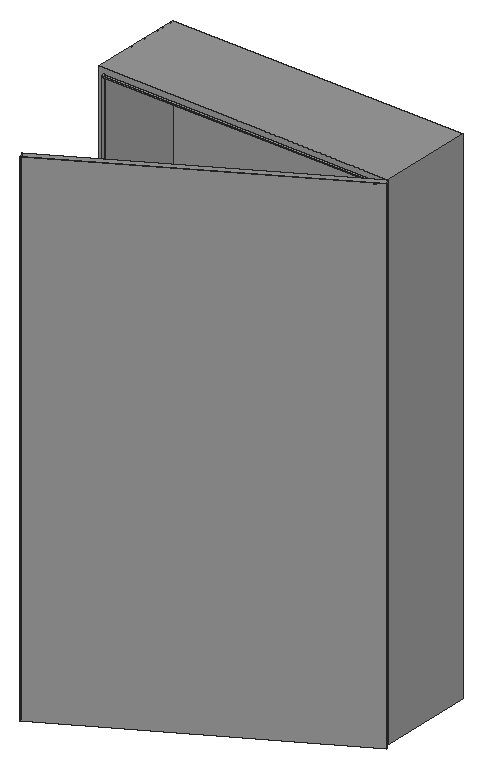
Revit family "Hager-Univers-IP55-D275-H1400-Cl.I-Steel_encl-NoHosted-PL-pl", category Electrical Equipment, Revit 2020
Family settings
  Panel Configuration = Two Columns, Circuits Across
  Round Connector Dimension = Use Diameter
  Part Type = Panelboard
  Work Plane-Based = Yes
  Always vertical = Yes
  Cut with Voids When Loaded = No
  Shared = No
  Room Calculation Point = No
Parameters (values of type "Montaż natynkowy IP55 S800 W1400 G275  - FR93E")
  Width Control [instance] = if([EF000008 - Szerokość] > Min Width, [EF000008 - Szerokość], Min Width)  # 800 mm
  Type Comments = [HG000003 - Zakres]  # "Univers"
  Thickness Door [instance] = if([EF009171 - Drzwi/pokrywa z materiału o wysokiej wytrzymałości mechanicznej] > 3 mm, 3 mm, [EF009171 - Drzwi/pokrywa z materiału o wysokiej wytrzymałości mechanicznej])  # 1.5 mm
  Seal Frame Offset [instance] = 17 mm  # constant formula
  Plinth Visibility [instance] = [HG000027 - Wysokość cokołu] > 0 mm  # no
  Min Width [instance] = 100 mm  # constant formula
  Min Depth [instance] = (2 * [EF009170 - Obudowa z materiału o wysokiej wytrzymałości mechanicznej]) + 1 mm  # 4 mm
  Min Height [instance] = 100 mm  # constant formula
  Internal Frame Depth [instance] = (Door System Depth * 0.5)  # 9 mm
  Panel Name [instance] = ""  # (empty or 0)
  Model = ""
  HG000027 - Wysokość cokołu = 0 mm
  HG000026 - Stojąca = no
  HG000024 - Wysokość części dolnej = 600 mm
  HG000023 - Obudowa dwusekcyjna = no
  HG000016 - Widoczność drzwi w widoku 3D [instance] = yes
  HG000015 - Przestrzeń robocza - otwarcie drzwi [instance] = no
  HG000014 - Drzwi prawe [instance] = yes
  HG000013 - Drzwi lewe [instance] = not([HG000014 - Drzwi prawe])  # no
  HG000012 - Kąt otwarcia drzwi [instance] = 30.00°
  HG000010 - Drzwi asymetryczne = no
  HG000009 - Drzwi dwuskrzydłowe = no
  HG000006 - Montaż podtynkowy = no
  HG000004 - Referencja producenta = "FR93E"
  HG000003 - Zakres = "Univers"
  HG000002 - Z drzwiami lub pokrywą = yes
  Frame Offset Bottom [instance] = 10 mm  # constant formula
  Frame Offset [instance] = 15 mm  # constant formula
  EF015940 - Pokrywa z wyzwalaczem nadciśnieniowym = no
  EF011959 - Stopień ochrony (NEMA) = ""
  EF009554 - Liczba otworów pod flansze = 6
  EF009212 - Wykonanie pokrywy = "EV000116 - Zamknięty"
  EF009171 - Drzwi/pokrywa z materiału o wysokiej wytrzymałości mechanicznej = 1.5 mm
  EF009170 - Obudowa z materiału o wysokiej wytrzymałości mechanicznej = 1.5 mm
  EF008873 - Prąd znamionowy (In) = 800 A
  EF007800 - Do ochrony odgromowej = no
  EF006306 - Z zamkiem = no
  EF006244 - Transparentna pokrywa/drzwi = no
  EF005474 - Stopień ochrony (IP) = "EV006420 - IP55"
  EF004464 - Rodzaj drzwi = "EV002646 - Pojedynczy"
  EF004427 - Liczba modułów = 324
  EF004293 - Odporność udarowa = "EV008784 - IK10"
  EF003532 - Do zastosowań zewnętrznych = no
  EF002950 - Szerokość wyrażona liczbą modułów = 24
  EF001613 - Podtrzymanie funkcji = "EV000494 - Brak"
  EF001596 - Materiał obudowy = "EV000179 - Stal"
  EF001131 - Głębokość wewnętrzna = 275 mm
  EF001088 - Możliwość rozbudowy = yes
  EF000437 - Liczba wejść kablowych = 6
  EF000339 - Rodzaj pokrywy = "EV004216 - Drzwi"
  EF000266 - Liczba rzędów = 9
  EF000218 - Głębokość wbudowania = 0 mm
  EF000118 - Z płytą montażową = no
  EF000116 - Numer RAL = "7035"
  EF000049 - Głębokość = 275 mm
  EF000040 - Wysokość = 1400 mm
  EF000008 - Szerokość = 800 mm
  EF000007 - Kolor = "EV000270 - Szary"
  EF000003 - Sposób montażu = "EV000384 - Montaż natynkowy"
  Door System Leaf Tolerance [instance] = 1.5 mm  # constant formula
  Door System Depth [instance] = 18 mm  # constant formula
  Door Height [instance] = Height Control - [HG000027 - Wysokość cokołu]  # 1400 mm
  Description = ""
  Default Elevation = 1219.2 mm
  Connector Offset [instance] = Height Control / 2  # 700 mm
  Manufacturer = "Hager"  # constant formula
  Height Control [instance] = if([EF000040 - Wysokość] > Min Height, [EF000040 - Wysokość], Min Height)  # 1400 mm
  Depth Control [instance] = if([EF000049 - Głębokość] > Min Depth, [EF000049 - Głębokość], Min Depth)  # 275 mm
  Bottom Top Plate Trim [instance] = 1.5 mm  # constant formula
  Plinth height Ctrl [instance] = if([HG000027 - Wysokość cokołu] > 0 mm, [HG000027 - Wysokość cokołu], 12 mm)  # 12 mm
Types (5, lengths in mm): name | Width Control | HG000010 - Drzwi asymetryczne | HG000009 - Drzwi dwuskrzydłowe | HG000004 - Referencja producenta | EF009554 - Liczba otworów pod flansze | EF004464 - Rodzaj drzwi | EF004427 - Liczba modułów | EF000437 - Liczba wejść kablowych | EF000008 - Szerokość
  Montaż natynkowy IP55 S1050 W1400 G275  - FR94E | 1050 | no | yes | "FR94E" | 8 | "EV003602 - Podwójny" | 432 | 8 | 1050
  Montaż natynkowy IP55 S1300 W1400 G275  - FR95E | 1300 | yes | yes | "FR95E" | 10 | "EV003602 - Podwójny" | 540 | 10 | 1300
  Montaż natynkowy IP55 S300 W1400 G275  - FR91E | 300 | no | no | "FR91E" | 2 | "EV002646 - Pojedynczy" | 108 | 2 | 300
  Montaż natynkowy IP55 S550 W1400 G275  - FR92E | 550 | no | no | "FR92E" | 4 | "EV002646 - Pojedynczy" | 216 | 4 | 550
  Montaż natynkowy IP55 S800 W1400 G275  - FR93E | 800 | no | no | "FR93E" | 6 | "EV002646 - Pojedynczy" | 324 | 6 | 800
Reference planes
  plane 1 "Center (Front/Back)": y = 0
  plane 2: z = 0
  plane 3 "Center (Left/Right)": x = 0
  plane 4: y = 0
  plane 5: y = 0
  plane 6: z = 0
  plane 7: x = -400
  plane 8: x = 400
  plane 9: x = 398.5
  plane 10: x = -398.5
  plane 11: z = 0
  plane 12: z = 1.5
  plane 13: y = -275
  plane 14: y = -1.5
  plane 15: x = 0
  plane 16: y = -257
  plane 17: y = -273.5
  plane 18: y = -255.5
  plane 19: x = -383.5
  plane 20: x = 383.5
  plane 21: z = 11.5
  plane 22: x = -383
  plane 23: x = 383
  plane 24: z = 0
  plane 25: z = 1400
  plane 26: z = 1400
  plane 27: z = 1383.5
  plane 28: z = 1398.5
Forms (mm)
  Extrusion 1, solid, material "Hager_Steel_RAL7035_Light_Grey", detail levels medium+fine
    sketch origin (-208.679, -4572, 0) x (-1, 0, 0) y (0, -1, 0)
      loop
        line (191.321, -4315) -> (-608.679, -4315) -> (-608.679, -4572) -> (191.321, -4572) -> (191.321, -4315)
    from 0 to 1400
  Extrusion 2, void
    sketch origin (-350.771, -275, 1219.2) x (1, 0, 0) y (0, 0, 1)
      loop
        line (-47.729, 179.3) -> (-47.729, -1217.7) -> (749.271, -1217.7) -> (749.271, 179.3) -> (-47.729, 179.3)
    from -19.5 to -273.5
  Extrusion 3, void
    sketch origin (-290.084, -257, 1219.2) x (1, 0, 0) y (0, 0, 1)
      loop
        line (-93.416, -1207.7) -> (673.584, -1207.7) -> (673.584, 164.3) -> (-93.416, 164.3) -> (-93.416, -1207.7)
    from 0 to -1.5
  Extrusion 4, solid, material "Hager_Steel_RAL7035_Light_Grey", visible <- "Plinth Visibility", detail levels medium+fine
    sketch origin (0, 0, 0) x (1, 0, 0) y (0, 1, 0)
      loop
        line (-400, 0) -> (-400, -257) -> (400, -257) -> (400, 0) -> (-400, 0)
    from 0 to 12 <- "Plinth height Ctrl"
  Extrusion 5, solid, material "Hager_Steel_RAL7035_Light_Grey", detail levels coarse
    sketch origin (0, 0, 0) x (1, 0, 0) y (0, 1, 0)
      loop
        line (-400, 0) -> (-400, -275) -> (400, -275) -> (400, 0) -> (-400, 0)
    from 0 to 1400 <- "Height Control"
  Sweep 6, void
    path in 3D
      loop
        line (-400, -257, 12) -> (400, -257, 12) -> (400, 0, 12) -> (-400, 0, 12) -> (-400, -257, 12)
    profile origin (-400, -128.5, 12) x (1, 0, 0) y (0, 0, 1)
      loop
        line (0, 0) -> (0, -1.5) -> (1.5, -1.5)
        arc (1.5, -1.5) -> (1.061, -0.439) -> (0, 0) r 1.5
  Extrusion 7, solid, material "Hager_Steel_RAL7035_Light_Grey", detail levels fine
    sketch origin (-400, -257, 0) x (1, 0, 0) y (0, 0, 1)
      loop
        line (16.5, 11.5) -> (783.5, 11.5) -> (783.5, 1383.5) -> (16.5, 1383.5) -> (16.5, 11.5)
      loop
        line (15, 10) -> (785, 10) -> (785, 1385) -> (15, 1385) -> (15, 10)
    from 0 to 9 <- "Internal Frame Depth"
Cuts and joins
  Extrusion 2, Extrusion 3 cuts Extrusion 1
  Sweep 6 cuts Extrusion 4
Lines and regions (mm)
  Masking region 1
    outline origin (0, 0, 0) x (1, 0, 0) y (0, 1, 0)
      loop
        line (-400, 0) -> (-400, -275) -> (400, -275) -> (400, 0) -> (-400, 0)
  Masking region 2, detail levels coarse
    outline origin (-290.084, -257, 1219.2) x (-1, 0, 0) y (0, 0, 1)
      loop
        line (-690.084, -1219.2) -> (109.916, -1219.2) -> (109.916, 180.8) -> (-690.084, 180.8) -> (-690.084, -1219.2)
  Masking region 3, detail levels coarse
    outline origin (0, 0, 0) x (0, 1, 0) y (0, 0, 1)
      loop
        line (0, 0) -> (0, 1400) -> (-275, 1400) -> (-275, 0) -> (0, 0)
  Masking region 4, visible <- "Plinth Visibility", detail levels medium+fine
    outline origin (0, 0, 0) x (0, 1, 0) y (0, 0, 1)
      loop
        line (-1.5, 12) -> (-255.5, 12)
        arc (-255.5, 12) -> (-255.939, 10.939) -> (-257, 10.5) r 1.5
        line (-257, 10.5) -> (-257, 0) -> (0, 0) -> (0, 10.5)
        arc (0, 10.5) -> (-1.061, 10.939) -> (-1.5, 12) r 1.5
  Masking region 5, detail levels medium+fine
    outline origin (0, 0, 594.038) x (0, 1, 0) y (0, 0, 1)
      loop
        line (0, -594.038) -> (0, 805.962) -> (-257, 805.962) -> (-257, -594.038) -> (0, -594.038)
  Masking region 6, detail levels medium+fine
    outline origin (-359.7, -257, 1211.883) x (-1, 0, 0) y (0, 0, 1)
      loop
        line (-759.7, -1211.883) -> (40.3, -1211.883) -> (40.3, 188.117) -> (-759.7, 188.117) -> (-759.7, -1211.883)
  Masking region 7, visible <- "Plinth Visibility", detail levels medium+fine
    outline origin (-320.334, -257, 1041.368) x (-1, 0, 0) y (0, 0, 1)
      loop
        line (-720.334, -1041.368) -> (79.666, -1041.368) -> (79.666, -1030.868)
        arc (79.666, -1030.868) -> (78.606, -1030.429) -> (78.166, -1029.368) r 1.5
        line (78.166, -1029.368) -> (-718.834, -1029.368)
        arc (-718.834, -1029.368) -> (-719.273, -1030.429) -> (-720.334, -1030.868) r 1.5
        line (-720.334, -1030.868) -> (-720.334, -1041.368)
  sketch lines
    curve 1: line (-400, 0, 12) -> (-400, -257, 12)
    curve 2: line (-400, -257, 12) -> (400, -257, 12)
    curve 3: line (400, 0, 12) -> (-400, 0, 12)
    curve 4: line (400, -257, 12) -> (400, 0, 12)
Dimensions and locks
  locked: plane 1 "Center (Front/Back)" to plane 5
  "EF009170 - Obudowa z materiału o wysokiej wytrzymałości mechanicznej": plane 7 to plane 10
  "EF009170 - Obudowa z materiału o wysokiej wytrzymałości mechanicznej": plane 8 to plane 9
  equal spacing: plane 7, plane 3 "Center (Left/Right)", plane 8
  "Width Control": plane 7 to plane 8
  "Depth Control": plane 4 to plane 13
  "EF009170 - Obudowa z materiału o wysokiej wytrzymałości mechanicznej": plane 4 to plane 14
  "Height Control": plane 25 to level
  "HG000027 - Wysokość cokołu": plane 11 to level
  "EF009170 - Obudowa z materiału o wysokiej wytrzymałości mechanicznej": plane 12 to plane 11
  "EF009170 - Obudowa z materiału o wysokiej wytrzymałości mechanicznej": plane 17 to plane 13
  "EF009170 - Obudowa z materiału o wysokiej wytrzymałości mechanicznej": plane 18 to plane 16
  "Frame Offset Bottom": plane 21 to plane 12
  "Frame Offset": plane 10 to plane 19
  "Frame Offset": plane 9 to plane 20
  "Door System Depth": plane 16 to plane 13
  "Seal Frame Offset": plane 7 to plane 22
  "Seal Frame Offset": plane 8 to plane 23
  "EF009170 - Obudowa z materiału o wysokiej wytrzymałości mechanicznej": plane 26 to plane 28
  "Frame Offset": plane 28 to plane 27
  "Connector Offset": plane 2 to connector elem
  "Bottom Top Plate Trim": profile plane to Sweep 6 sketch curve
  "Bottom Top Plate Trim": Sweep 6 sketch curve to Sweep 6 sketch curve
  "Plinth height Ctrl": Masking region 4 sketch curve to level
  "Plinth height Ctrl": Masking region 7 sketch curve to level
  "Thickness Door": Extrusion 7 sketch curve to Extrusion 7 sketch curve  (x4)
  "Bottom Top Plate Trim": radius of Sweep 6 sketch curve
  "Bottom Top Plate Trim": radius of Masking region 4 sketch curve  (x2)
  "Bottom Top Plate Trim": radius of Masking region 7 sketch curve  (x2)
  aligned and locked: Extrusion 2 sketch curve to plane 12
  aligned and locked: Extrusion 2 sketch curve to plane 9
  aligned and locked: Extrusion 2 sketch curve to plane 10
  aligned and locked: Extrusion 2 to plane 14
  aligned and locked: Extrusion 1 sketch curve to plane 4
  aligned and locked: plane 8 to Extrusion 1 sketch curve
  aligned and locked: plane 7 to Extrusion 1 sketch curve
  aligned and locked: Extrusion 2 to plane 18
  aligned and locked: Extrusion 3 sketch curve to plane 19
  aligned and locked: plane 20 to Extrusion 3 sketch curve
  aligned and locked: Extrusion 3 to Extrusion 2
  aligned and locked: Extrusion 3 sketch curve to plane 21
  aligned and locked: plane 3 "Center (Left/Right)" to nested 1
  aligned and locked: Extrusion 1 sketch curve to plane 16
  aligned and locked: Extrusion 4 sketch curve to cut or joined group of Extrusion 1, Extrusion 2, Extrusion 3
  aligned and locked: Masking region 1 sketch curve to plane 7
  aligned and locked: Masking region 1 sketch curve to plane 5
  aligned and locked: Masking region 1 sketch curve to plane 8
  aligned and locked: Masking region 2 sketch curve to level
  aligned and locked: level to Masking region 3 sketch curve
  aligned and locked: plane 1 "Center (Front/Back)" to Masking region 3 sketch curve
  aligned and locked: plane 13 to Masking region 3 sketch curve
  aligned and locked: plane 5 to Masking region 4 sketch curve
  aligned and locked: Masking region 2 sketch curve to plane 8
  aligned and locked: Masking region 2 sketch curve to plane 7
  aligned and locked: plane 7 to nested 2
  aligned and locked: nested 2 to plane 5
  aligned and locked: plane 5 to Masking region 5 sketch curve
  aligned and locked: plane 26 to Masking region 5 sketch curve
  aligned and locked: Extrusion 5 sketch curve to plane 8
  aligned and locked: Extrusion 5 sketch curve to plane 7
  aligned and locked: Extrusion 5 sketch curve to plane 5
  aligned and locked: Extrusion 3 sketch curve to plane 27
  aligned and locked: Extrusion 2 sketch curve to plane 28
  aligned and locked: Masking region 2 to plane 25
  aligned and locked: Extrusion 4 to plane 16
  aligned and locked: profile plane to Sweep 6 sketch curve
  aligned and locked: Masking region 5 sketch curve to plane 24
  aligned and locked: level to Masking region 4 sketch curve
  aligned and locked: Masking region 1 to plane 13
  aligned and locked: nested 1 to plane 16
  aligned and locked: Masking region 3 to plane 25
  aligned and locked: plane 16 to Masking region 4 sketch curve
  aligned and locked: Masking region 5 sketch curve to plane 16
  aligned and locked: plane 24 to plane 11
  aligned and locked: plane 26 to plane 25
  aligned and locked: plane 26 to cut or joined group of Extrusion 1, Extrusion 2, Extrusion 3
  aligned and locked: nested 1 to plane 24
  aligned and locked: Extrusion 1 to Extrusion 3
  aligned and locked: Masking region 6 sketch curve to plane 8
  aligned and locked: Masking region 6 sketch curve to plane 24
  aligned and locked: Masking region 6 sketch curve to plane 7
  aligned and locked: Masking region 6 sketch curve to plane 26
  aligned and locked: Masking region 7 sketch curve to plane 7
  aligned and locked: level to Masking region 7 sketch curve
  aligned and locked: Masking region 7 sketch curve to plane 8
  aligned and locked: Extrusion 7 sketch curve to cut or joined group of Extrusion 1, Extrusion 2, Extrusion 3  (x4)
Automatic sketch dimensions
  plane 19 to Extrusion 3 sketch curve = 0 mm
  Extrusion 3 sketch curve to plane 20 = 0 mm
  Extrusion 3 sketch curve to plane 21 = 0 mm
  Extrusion 4 sketch curve to plane 7 = 0 mm
  Extrusion 4 sketch curve to plane 8 = 0 mm
  Extrusion 4 sketch curve to plane 16 = 0 mm
  Masking region 1 sketch curve to plane 13 = 0 mm
  Masking region 2 sketch curve to plane 25 = 0 mm
  Masking region 3 sketch curve to plane 25 = 0 mm
  Extrusion 5 sketch curve to plane 13 = 0 mm
  profile plane to Sweep 6 sketch curve = 0 mm
Nested families
  nested 1: "EC000058_Univers_Door" at (0, -257, 0), Double <- "HG000009 - Drzwi dwuskrzydłowe", Transparent <- "EF006244 - Transparentna pokrywa/drzwi", Angle <- "HG000012 - Kąt otwarcia drzwi", Door_Right <- "HG000014 - Drzwi prawe", Assymetrical <- "HG000010 - Drzwi asymetryczne", Door <- "HG000002 - Z drzwiami lub pokrywą", Width_Ctrl <- "Width Control", 3d_Door <- "HG000016 - Widoczność drzwi w widoku 3D", Clearance <- "HG000015 - Przestrzeń robocza - otwarcie drzwi", Door_Left <- "HG000013 - Drzwi lewe", Width <- "Width Control", Door_Depth <- "Door System Depth", Leaf_Tolerance <- "Door System Leaf Tolerance", Height <- "Door Height", Lock_Visibility <- "EF006306 - Z zamkiem", Thickness <- "Thickness Door", type "EC000058_Univers_Door", detail levels medium+fine
    with min_wh 4 mm, Width_Ctrl 800 mm, Width 800 mm, Transparent no, Thickness 1.5 mm, Seal_Material Hager_Rubber, Lock_Visibility no, Lock_Material Hager_Plastic_RAL9005_Jet_Black, Leaf_Width 800 mm, Leaf_Tolerance_External_Sides 0 mm, Leaf_Tolerance 1.5 mm, Leaf_Offset 0 mm, Leaf_Height 1397 mm, Leaf_2_Width 800 mm, Leaf_2_Offset 400 mm, Leaf_1_Width 800 mm, Leaf_1_Offset 400 mm, Height_Ctrl 1400 mm, Height 1400 mm, Glass_Material Hager_Glass, Double_Clearance_Ctrl no, Double no, Door_Right_Ctrl yes, Door_Right yes, Door_Material Hager_Steel_RAL7035_Light_Grey, Door_Left_Ctrl no, Door_Left no, Door_Depth 18 mm, Door yes, Clearance_Material Hager_Clearance, Clearance_Depth 800 mm, Clearance_Ctrl no, Clearance no, Assymetrical no, Angle 30.00°, 3d_Door yes
  nested 2: "Hager_Enclosure_Symbol" at (-400, 0, 0), Height <- "Depth Control", Width <- "Width Control", type "Hager_Enclosure_Symbol"
    with Width_Ctrl 800 mm, Width 800 mm, Height_Ctrl 275 mm, Height 275 mm, A_Width_Int 18.047 mm, A_Width 216.562 mm, A_Height_Ctrl 240.625 mm, A_Height 240.625 mm
Connectors
  electrical at (0, 0, 700)
    settings: on plane 1 "Center (Front/Back)", index 1, voltage 0 V, apparent load 0 VA, apparent load phase1 0 VA, apparent load phase2 0 VA, apparent load phase3 0 VA, power factor 1, load classification "Other", number of poles 1, system type 30, power factor state 1, is connector primary yes, connector utility no, sub classification motor no, connector description ""
Definition of nested family "EC000058_Univers_Door"
  Parameters (values of type "EC000058_Univers_Door")
    min_wh [instance] = (2 * Thickness) + 1 mm  # 11 mm
    Width_Ctrl [instance] = 400 mm
    Width [instance] = 500 mm
    Transparent [instance] = yes
    Thickness [instance] = 5 mm
    Seal_Material [instance] = none
    Lock_Visibility [instance] = yes
    Lock_Material [instance] = none
    Leaf_Width [instance] = if((Width_Ctrl - 2 * Leaf_Tolerance_External_Sides) > 0 mm, (Width_Ctrl - 2 * Leaf_Tolerance_External_Sides), min_wh)  # 400 mm
    Leaf_Tolerance_External_Sides [instance] = 0 mm  # constant formula
    Leaf_Tolerance [instance] = 1.5 mm
    Leaf_Offset [instance] = 0 mm  # constant formula
    Leaf_Height [instance] = if((Height_Ctrl - 2 * Leaf_Tolerance) > 0 mm, (Height_Ctrl - 2 * Leaf_Tolerance), min_wh)  # 497 mm
    Leaf_2_Width [instance] = if(and(and(Double, Assymetrical), Door_Left), (Leaf_Width / 3) - (Leaf_Tolerance / 2), if(and(and(Double, Assymetrical), Door_Right), (Leaf_Width / 3) * 2 - (Leaf_Tolerance / 2), if(and(Double, not(Assymetrical)), (Leaf_Width / 2) - Leaf_Tolerance, Leaf_Width)))  # 400 mm
    Leaf_2_Offset [instance] = if(and(Double, Assymetrical), Leaf_2_Width / 2, if(and(Double, not(Assymetrical)), Leaf_Width / 4, Leaf_Width / 2))  # 200 mm
    Leaf_1_Width [instance] = if(and(and(Double, Assymetrical), Door_Right), (Leaf_Width / 3) - (Leaf_Tolerance / 2), if(and(and(Double, Assymetrical), Door_Left), (Width / 3) * 2 - (Leaf_Tolerance / 2), if(and(Double, not(Assymetrical)), (Leaf_Width / 2) - Leaf_Tolerance, Leaf_Width)))  # 400 mm
    Leaf_1_Offset [instance] = if(and(Double, Assymetrical), Leaf_1_Width / 2, if(and(Double, not(Assymetrical)), Leaf_Width / 4, Leaf_Width / 2))  # 200 mm
    Height_Ctrl [instance] = if(Height > min_wh, Height, min_wh)  # 500 mm
    Height [instance] = 500 mm
    Glass_Material [instance] = none
    Double_Clearance_Ctrl [instance] = and(Double, Clearance)  # no
    Double [instance] = no
    Door_Right_Ctrl [instance] = and(or(Door_Right, Double), Door)  # yes
    Door_Right [instance] = yes
    Door_Material [instance] = none
    Door_Left_Ctrl [instance] = and(or(Door_Left, Double), Door)  # no
    Door_Left [instance] = no
    Door_Depth [instance] = 30 mm
    Door [instance] = yes
    Default Elevation = 1219.2 mm
    Clearance_Material [instance] = none
    Clearance_Depth [instance] = if(Leaf_1_Width > Leaf_2_Width, Leaf_1_Width, Leaf_2_Width)  # 400 mm
    Clearance_Ctrl [instance] = and(not(Double), Clearance)  # yes
    Clearance [instance] = yes
    Assymetrical [instance] = yes
    Angle [instance] = 30.00°
    3d_Door [instance] = yes
  Reference planes
    plane 1 "Center (Front/Back)": y = 0
    plane 2 "Bottom": z = 0
    plane 3 "Center (Left/Right)": x = 0
    plane 4: z = 500
    plane 5: x = -200
    plane 6: x = 200
    plane 7: z = 500
    plane 8: x = -200
    plane 9: z = 0
    plane 10: x = 200
    plane 11: y = 0
    plane 12: z = 1.5
    plane 13: x = -600
    plane 14: y = -400
    plane 15: x = 600
    plane 16: x = 0
    plane 17: x = 0
    plane 18: x = -200
    plane 19: x = 200
    plane 20: z = 498.5
  Forms (mm)
    Extrusion 1, solid, material <- "Clearance_Material", visible <- "Double_Clearance_Ctrl"
      sketch origin (1200, 0, 0) x (1, 0, 0) y (0, 0, -1)
        loop
          line (-1800, -498.5) -> (-600, -498.5) -> (-600, 0) -> (-1800, 0) -> (-1800, -498.5)
      from 0 to -400
  Dimensions and locks
    equal spacing: plane 5, plane 3 "Center (Left/Right)", plane 6
    "Width_Ctrl": plane 5 to plane 6
    "Leaf_Offset": plane 5 to plane 8
    "Leaf_Offset": plane 6 to plane 10
    "Leaf_Offset": plane 9 to level
    "Leaf_Offset": plane 4 to plane 7
    "Height_Ctrl": plane 4 to level
    "Leaf_Tolerance": plane 12 to plane 9
    locked: plane 11 to plane 1 "Center (Front/Back)"
    "Leaf_1_Offset": plane 18 to plane 16
    "Leaf_2_Offset": plane 17 to plane 19
    "Leaf_1_Width": plane 13 to plane 8
    "Leaf_2_Width": plane 10 to plane 15
    "Clearance_Depth": plane 14 to plane 1 "Center (Front/Back)"
    "Leaf_Tolerance_External_Sides": plane 8 to plane 18
    "Leaf_Tolerance_External_Sides": plane 19 to plane 10
    "Leaf_Tolerance": plane 7 to plane 20
    aligned and locked: level to plane 2 "Bottom"
    aligned and locked: nested 1 to plane 16
    aligned and locked: nested 2 to plane 17
    aligned and locked: Extrusion 1 to plane 13
    aligned and locked: plane 15 to Extrusion 1
    aligned and locked: Extrusion 1 to plane 14
    aligned and locked: plane 12 to nested 1
    aligned and locked: nested 2 to plane 12
    aligned and locked: Extrusion 1 to plane 11
    aligned and locked: plane 20 to Extrusion 1
    aligned and locked: nested 2 to plane 11
    aligned and locked: nested 1 to plane 11
  Automatic sketch dimensions
    Extrusion 1 sketch curve to level = 0 mm
    plane 5 to Extrusion 1 sketch curve = 400 mm
    plane 6 to Extrusion 1 sketch curve = 400 mm
    Extrusion 1 sketch curve to plane 4 = 1.5 mm
  Nested families
    nested 1: "EC000058_Univers_Door_Leaf" at (0, 0, 1.5), Width <- "Leaf_1_Width", visible <- "Door_Left_Ctrl", Leaf_Height <- "Leaf_Height", Angle <- "Angle", 3d_Door <- "3d_Door", Transparent <- "Transparent", Clearance Material <- "Clearance_Material", Clearance <- "Clearance_Ctrl", Door_Material <- "Door_Material", Glass_Material <- "Glass_Material", Door_Depth <- "Door_Depth", Lock_Material <- "Lock_Material", Seal_Material <- "Seal_Material", Lock_Visibility <- "Lock_Visibility", Thickness <- "Thickness", type "EC000058_Univers_Door_Leaf"
      with Width 400 mm, Transparent_Glass_Offset 30 mm, Transparent_Ctrl yes, Transparent yes, Thickness 5 mm, Standard no, Seal_Material none, Seal_D2 8 mm, Seal_D1 1 mm, Offset_Internal_Frame 10 mm, Lock_Width 20 mm, Lock_Visibility_3d yes, Lock_Visibility yes, Lock_Thickness_3 3 mm, Lock_Thickness_2 1 mm, Lock_Thickness_1 3 mm, Lock_Radius_Offset_2 16 mm, Lock_Radius_Offset_1 15 mm, Lock_Radius_2 5 mm, Lock_Radius 6 mm, Lock_Offset 5 mm, Lock_Material none, Lock_Height 80 mm, Lock_Cover_Top_Offset_2d 17 mm, Lock_Cover_Height -65 mm, Leaf_Height 497 mm, Internal_Seal_Thickness 8 mm, Internal_Seal_Depth_2 4.5 mm, Internal_Frame_Depth 25 mm, Glass_Thickness -1 mm, Glass_Offset -2 mm, Glass_Material none, Door_Material none, Door_Depth 30 mm, Clearance Material none, Clearance yes, Angle_Ctrl 30.00°, Angle 30.00°, 3d_Door yes
    nested 2: "EC000058_Univers_Door_Leaf" at (0, 0, 1.5) x (-1, 0, 0) z (0, 0, 1), Width <- "Leaf_2_Width", visible <- "Door_Right_Ctrl", Leaf_Height <- "Leaf_Height", Angle <- "Angle", 3d_Door <- "3d_Door", Transparent <- "Transparent", Clearance Material <- "Clearance_Material", Clearance <- "Clearance_Ctrl", Door_Material <- "Door_Material", Glass_Material <- "Glass_Material", Door_Depth <- "Door_Depth", Lock_Material <- "Lock_Material", Seal_Material <- "Seal_Material", Lock_Visibility <- "Lock_Visibility", Thickness <- "Thickness", type "EC000058_Univers_Door_Leaf"
      with Width 400 mm, Transparent_Glass_Offset 30 mm, Transparent_Ctrl yes, Transparent yes, Thickness 5 mm, Standard no, Seal_Material none, Seal_D2 8 mm, Seal_D1 1 mm, Offset_Internal_Frame 10 mm, Lock_Width 20 mm, Lock_Visibility_3d yes, Lock_Visibility yes, Lock_Thickness_3 3 mm, Lock_Thickness_2 1 mm, Lock_Thickness_1 3 mm, Lock_Radius_Offset_2 16 mm, Lock_Radius_Offset_1 15 mm, Lock_Radius_2 5 mm, Lock_Radius 6 mm, Lock_Offset 5 mm, Lock_Material none, Lock_Height 80 mm, Lock_Cover_Top_Offset_2d 17 mm, Lock_Cover_Height -65 mm, Leaf_Height 497 mm, Internal_Seal_Thickness 8 mm, Internal_Seal_Depth_2 4.5 mm, Internal_Frame_Depth 25 mm, Glass_Thickness -1 mm, Glass_Offset -2 mm, Glass_Material none, Door_Material none, Door_Depth 30 mm, Clearance Material none, Clearance yes, Angle_Ctrl 30.00°, Angle 30.00°, 3d_Door yes
  Definition of nested family "EC000058_Univers_Door_Leaf"
    Parameters (values of type "EC000058_Univers_Door_Leaf")
      Width [instance] = 2000 mm
      Transparent_Glass_Offset [instance] = 30 mm
      Transparent_Ctrl [instance] = and(Transparent, [3d_Door])  # yes
      Transparent [instance] = yes
      Thickness [instance] = 5 mm
      Standard [instance] = and(not(Transparent), [3d_Door])  # no
      Seal_Material [instance] = none
      Seal_D2 [instance] = 8 mm  # constant formula
      Seal_D1 [instance] = 1 mm  # constant formula
      Offset_Internal_Frame [instance] = 10 mm  # constant formula
      Lock_Width [instance] = 20 mm  # constant formula
      Lock_Visibility_3d [instance] = and(Lock_Visibility, [3d_Door])  # yes
      Lock_Visibility [instance] = yes
      Lock_Thickness_3 [instance] = 3 mm  # constant formula
      Lock_Thickness_2 [instance] = 1 mm  # constant formula
      Lock_Thickness_1 [instance] = 3 mm  # constant formula
      Lock_Radius_Offset_2 [instance] = Lock_Radius_Offset_1 + 1 mm  # 16 mm
      Lock_Radius_Offset_1 [instance] = 15 mm  # constant formula
      Lock_Radius_2 [instance] = Lock_Radius - 1 mm  # 5 mm
      Lock_Radius [instance] = 6 mm  # constant formula
      Lock_Offset [instance] = 5 mm  # constant formula
      Lock_Material [instance] = none
      Lock_Height [instance] = 80 mm  # constant formula
      Lock_Cover_Top_Offset_2d [instance] = Lock_Radius_Offset_2 + 1 mm  # 17 mm
      Lock_Cover_Height [instance] = -(Lock_Height - Lock_Radius_Offset_1)  # -65 mm
      Leaf_Height [instance] = 2720.336 mm
      Internal_Seal_Thickness [instance] = 8 mm  # constant formula
      Internal_Seal_Depth_2 [instance] = 4.5 mm  # constant formula
      Internal_Frame_Depth [instance] = if(Door_Depth - Thickness > 5 mm, Door_Depth - Thickness, 5 mm)  # 25 mm
      Glass_Thickness [instance] = if(Thickness > 15 mm, Glass_Offset + 10 mm, -1 mm)  # -1 mm
      Glass_Offset [instance] = if(Thickness > 15 mm, -(Thickness + 10 mm) / 2, -2 mm)  # -2 mm
      Glass_Material [instance] = none
      Door_Material [instance] = none
      Door_Depth [instance] = 30 mm
      Default Elevation = 0 mm
      Clearance Material [instance] = none
      Clearance [instance] = yes
      Angle_Ctrl [instance] = if(Angle > 180.00°, 180.00°, Angle)  # 90.00°
      Angle [instance] = 90.00°
      3d_Door [instance] = yes
    Reference planes
      plane 1 "Center (Front/Back)": y = 0
      plane 2: z = 0
      plane 3 "Center (Left/Right)": x = 0
      plane 4: y = 2000
      plane 5: x = -1000
      plane 6: x = 1000
      plane 7: x = -3000
      plane 8: z = 2720.336
      plane 9: z = 30
      plane 10: z = 2690.336
      plane 11: x = 970
      plane 12: x = -970
      plane 13: y = -3
      plane 14: z = 107.833
      plane 15: y = -5
      plane 16: y = -223.314
      plane 17: x = -1000
      plane 18: z = 1360.168
      plane 19: y = 30
    Forms (mm)
      Extrusion 1, solid, material <- "Clearance Material", visible <- "Clearance"
        sketch origin (0, 0, 0) x (1, 0, 0) y (0, 0, 1)
          loop
            line (-3000, 2720.336) -> (-3000, 0) -> (1000, 0) -> (1000, 2720.336) -> (-3000, 2720.336)
        from 0 to -2000
      Extrusion 2, solid, material <- "Door_Material", visible <- "Standard", detail levels medium+fine
        sketch origin (-1000, 0, 0) x (0, 1, 0) y (-1, 0, 0)
          loop
            line (0, 30) -> (0, 25) -> (2000, 25) -> (2000, 30) -> (0, 30)
        from 0 to 2720.336 <- "Leaf_Height"
      Extrusion 3, solid, material <- "Door_Material", visible <- "Transparent_Ctrl", detail levels medium+fine
        sketch origin (-1000, 0, 0) x (0, 1, 0) y (-1, 0, 0)
          loop
            line (0, 25) -> (2000, 25) -> (2000, 30) -> (0, 30) -> (0, 25)
        from 0 to 2720.336 <- "Leaf_Height"
      Extrusion 4, void
        sketch origin (-1025, 2000, 0) x (0, 1, 0) y (0, 0, -1)
          loop
            line (-30, -2690.336) -> (-30, -30) -> (-1970, -30) -> (-1970, -2690.336) -> (-30, -2690.336)
        from 0 to 5 <- "Thickness"
      Sweep 5, solid, material <- "Seal_Material", visible <- "Transparent_Ctrl", detail levels fine
        path in 3D
          loop
            line (-1025, 30, 30) -> (-1025, 30, 2690.336) -> (-1025, 1970, 2690.336) -> (-1025, 1970, 30) -> (-1025, 30, 30)
        profile origin (-1025, 1000, 30) x (1, 0, 0) y (0, 0, 1)
          loop
            line (0, 0) -> (0, -8) -> (1, -8) -> (1, 0) -> (0, 0)
      Extrusion 6, solid, material <- "Glass_Material", visible <- "Transparent_Ctrl", detail levels medium+fine
        sketch origin (-1030, 0, 0) x (0, 1, 0) y (0, 0, -1)
          loop
            line (1970, -2690.336) -> (1970, -30) -> (30, -30) -> (30, -2690.336) -> (1970, -2690.336)
        from -2 <- "Glass_Offset" to -1 <- "Glass_Thickness"
      Extrusion 7, solid, material <- "Door_Material", visible <- "3d_Door", detail levels medium+fine
        sketch origin (-1025, 2000, 0) x (0, -1, 0) y (0, 0, -1)
          loop
            line (0, -2720.336) -> (2000, -2720.336) -> (2000, 0) -> (0, 0) -> (0, -2720.336)
          loop
            line (1995, -5) -> (5, -5) -> (5, -2715.336) -> (1995, -2715.336) -> (1995, -5)
        from 0 to 25 <- "Internal_Frame_Depth"
      Sweep 8, solid, material <- "Seal_Material", visible <- "Transparent_Ctrl", detail levels fine
        path in 3D
          loop
            line (-1025, 0, 0) -> (-1025, 2000, 0) -> (-1025, 2000, 2720.336) -> (-1025, 0, 2720.336) -> (-1025, 0, 0)
        profile origin (-1025, 0, 1360.168) x (1, 0, 0) y (0, 1, 0)
          loop
            line (0, 10) -> (2.975, 10)
            arc (2.975, 10) -> (4.053, 10.447) -> (4.5, 11.525) r 1.525
            line (4.5, 11.525) -> (4.5, 16.527)
            arc (4.5, 16.527) -> (4.069, 17.569) -> (3.027, 18) r 1.473
            line (3.027, 18) -> (0, 18) -> (0, 10)
      Extrusion 9, solid, material <- "Lock_Material", visible <- "Lock_Visibility_3d", detail levels fine
        sketch origin (-1030, 0, 0) x (0, 1, 0) y (0, 0, -1)
          loop
            arc (1993.5, -1400.168) -> (1994.561, -1399.729) -> (1995, -1398.668) r 1.5
            line (1995, -1398.668) -> (1995, -1320.168) -> (1975, -1320.168) -> (1975, -1398.668)
            arc (1975, -1398.668) -> (1975.439, -1399.729) -> (1976.5, -1400.168) r 1.5
            line (1976.5, -1400.168) -> (1993.5, -1400.168)
        from 3 <- "Lock_Thickness_1" to 0
      Blend 10, solid, material <- "Lock_Material", visible <- "Lock_Visibility_3d", detail levels fine
        base sketch origin (-1033, 0, 0) x (0, 1, 0) y (0, 0, -1)
          loop
            line (1975, -1320.168) -> (1975, -1398.668)
            arc (1975, -1398.668) -> (1975.439, -1399.729) -> (1976.5, -1400.168) r 1.5
            line (1976.5, -1400.168) -> (1993.5, -1400.168)
            arc (1993.5, -1400.168) -> (1994.561, -1399.729) -> (1995, -1398.668) r 1.5
            line (1995, -1398.668) -> (1995, -1320.168) -> (1975, -1320.168)
        top sketch origin (-1033, 0, 0) x (0, 1, 0) y (0, 0, -1)
          loop
            line (1976, -1320.168) -> (1976, -1398.668)
            arc (1976, -1398.668) -> (1976.146, -1399.022) -> (1976.5, -1399.168) r 0.5
            line (1976.5, -1399.168) -> (1993.5, -1399.168)
            arc (1993.5, -1399.168) -> (1993.854, -1399.022) -> (1994, -1398.668) r 0.5
            line (1994, -1398.668) -> (1994, -1320.168) -> (1976, -1320.168)
        from 0 to 1 <- "Lock_Thickness_2"
      Blend 11, solid, material <- "Lock_Material", visible <- "Lock_Visibility_3d", detail levels fine
        base sketch origin (-1034, 0, 0) x (0, 1, 0) y (0, 0, -1)
          loop
            line (1978, -1320.168) -> (1978, -1384.168)
            arc (1978, -1384.168) -> (1985, -1391.168) -> (1992, -1384.168) r 7
            line (1992, -1384.168) -> (1992, -1320.168) -> (1978, -1320.168)
        top sketch origin (-1034, 0, 0) x (0, 1, 0) y (0, 0, -1)
          loop
            line (1991, -1320.168) -> (1979, -1320.168) -> (1979, -1383.168)
            arc (1979, -1383.168) -> (1985, -1389.168) -> (1991, -1383.168) r 6
            line (1991, -1383.168) -> (1991, -1320.168)
        from 0 to 3 <- "Lock_Thickness_3"
      Extrusion 12, solid, material <- "Lock_Material", visible <- "Lock_Visibility_3d", detail levels fine
        sketch origin (-1030, 1975, 1320.168) x (1, 0, 0) y (0, -1, 0)
          loop
            line (-7, -19) -> (-7, -1) -> (0, -1) -> (0, 0) -> (-8, 0) -> (-8, -20) -> (0, -20) -> (0, -19) -> (-7, -19)
        from 0 to -65 <- "Lock_Cover_Height"
      Extrusion 13, void
        sketch origin (-1038, 1995, 1320.168) x (-1, 0, 0) y (0, 0, -1)
          loop
            line (-5, -65) -> (0, -65) -> (-5, -60) -> (-5, -65)
        from 0 to 20 <- "Lock_Width"
      Extrusion 14, void
        sketch origin (-1038, 1975, 1320.168) x (0, -1, 0) y (0, 0, -1)
          loop
            circle (-10, -15.995) r 6
          loop
            circle (-10, -15.995) r 5
        from 0 to 2
      Extrusion 15, solid, material <- "Lock_Material", visible <- "Lock_Visibility_3d", detail levels medium
        sketch origin (-1030, 0, 0) x (0, 1, 0) y (0, 0, -1)
          loop
            arc (1993.5, -1400.168) -> (1994.561, -1399.729) -> (1995, -1398.668) r 1.5
            line (1995, -1398.668) -> (1995, -1320.168) -> (1975, -1320.168) -> (1975, -1398.668)
            arc (1975, -1398.668) -> (1975.439, -1399.729) -> (1976.5, -1400.168) r 1.5
            line (1976.5, -1400.168) -> (1993.5, -1400.168)
        from 8 to 0
    Cuts and joins
      Extrusion 4 cuts Extrusion 3
      Extrusion 13, Extrusion 14 cuts Extrusion 9
      Extrusion 14 cuts Blend 11
      Extrusion 13, Extrusion 14 cuts Extrusion 12
      joined: Extrusion 9, Blend 10, Blend 11, Extrusion 12
      Extrusion 14 cuts Extrusion 15
    Lines and regions (mm)
      Masking region 1, visible <- "Lock_Visibility", detail levels fine
        outline origin (0, 0, 0) x (0, 1, 0) y (0, 0, 1)
          loop
            line (30, 1320.168) -> (33, 1320.168) -> (33, 1400.168) -> (30, 1400.168) -> (30, 1320.168)
      Masking region 2, visible <- "Lock_Visibility", detail levels fine
        outline origin (0, 3.143, 0) x (0, 1, 0) y (0, 0, 1)
          loop
            line (29.857, 1354.168) -> (30.857, 1354.168) -> (30.857, 1366.168) -> (29.857, 1366.168) -> (29.857, 1354.168)
      Masking region 3, detail levels medium+fine
        outline origin (0, 0, 0) x (0, 1, 0) y (0, 0, 1)
          loop
            line (0, 0) -> (30, 0) -> (30, 2720.336) -> (0, 2720.336) -> (0, 0)
      Masking region 4, detail levels medium+fine
        outline origin (0, 0, 0) x (1, 0, 0) y (0, 0, 1)
          loop
            line (-1000, 2720.336) -> (-1000, 0) -> (1000, 0) -> (1000, 2720.336) -> (-1000, 2720.336)
      Masking region 5, visible <- "Lock_Visibility", detail levels fine
        outline origin (-47.116, 0, 0) x (1, 0, 0) y (0, 0, 1)
          loop
            arc (1024.616, 1399.168) -> (1023.556, 1398.729) -> (1023.116, 1397.668) r 1.5
            line (1023.116, 1397.668) -> (1023.116, 1320.168) -> (1041.116, 1320.168) -> (1041.116, 1397.668)
            arc (1041.116, 1397.668) -> (1040.677, 1398.729) -> (1039.616, 1399.168) r 1.5
            line (1039.616, 1399.168) -> (1024.616, 1399.168)
      Masking region 6, visible <- "Lock_Visibility", detail levels medium+fine
        outline origin (-25, 0, 0) x (1, 0, 0) y (0, 0, 1)
          loop
            arc (1001.5, 1400.168) -> (1000.439, 1399.729) -> (1000, 1398.668) r 1.5
            line (1000, 1398.668) -> (1000, 1320.168) -> (1020, 1320.168) -> (1020, 1398.668)
            arc (1020, 1398.668) -> (1019.561, 1399.729) -> (1018.5, 1400.168) r 1.5
            line (1018.5, 1400.168) -> (1001.5, 1400.168)
      Masking region 7, visible <- "Lock_Visibility", detail levels fine
        outline origin (-73.735, 0, 0) x (1, 0, 0) y (0, 0, 1)
          loop
            line (1051.735, 1382.168) -> (1065.735, 1382.168) -> (1065.735, 1384.168)
            arc (1065.735, 1384.168) -> (1058.735, 1391.168) -> (1051.735, 1384.168) r 7
            line (1051.735, 1384.168) -> (1051.735, 1382.168)
      Masking region 8, visible <- "Lock_Visibility", detail levels fine
        outline origin (-73.735, 0, 0) x (1, 0, 0) y (0, 0, 1)
          loop
            line (1052.735, 1382.168) -> (1064.735, 1382.168) -> (1064.735, 1383.168)
            arc (1064.735, 1383.168) -> (1058.735, 1389.168) -> (1052.735, 1383.168) r 6
            line (1052.735, 1383.168) -> (1052.735, 1382.168)
      Masking region 9, visible <- "Lock_Visibility", detail levels fine
        outline origin (-25, 0, 0) x (1, 0, 0) y (0, 0, 1)
          loop
            line (1020, 1320.168) -> (1020, 1382.168) -> (1000, 1382.168) -> (1000, 1320.168) -> (1020, 1320.168)
      Masking region 10, detail levels medium+fine
        outline origin (0, 0, 0) x (1, 0, 0) y (0, 0, 1)
          loop
            circle (985, 1335.144) r 6
      Masking region 11, detail levels fine
        outline origin (0, 0, 0) x (1, 0, 0) y (0, 0, 1)
          loop
            circle (985, 1335.144) r 5
      Masking region 12, visible <- "Lock_Visibility", detail levels fine
        outline origin (0, 12.767, 0) x (0, 1, 0) y (0, 0, 1)
          loop
            line (20.233, 1320.168) -> (21.233, 1320.168) -> (21.233, 1399.168) -> (20.233, 1400.168) -> (20.233, 1320.168)
      Masking region 13, visible <- "Lock_Visibility", detail levels fine
        outline origin (0, 13.767, -10) x (0, 1, 0) y (0, 0, 1)
          loop
            line (20.233, 1330.168) -> (23.233, 1330.168) -> (23.233, 1399.168) -> (20.233, 1402.168) -> (20.233, 1330.168)
      Masking region 14, visible <- "Lock_Visibility", detail levels fine
        outline origin (0, 12.767, -10) x (0, 1, 0) y (0, 0, 1)
          loop
            line (20.233, 1330.168) -> (25.233, 1330.168) -> (25.233, 1399.305) -> (20.233, 1394.305) -> (20.233, 1330.168)
      Masking region 15, visible <- "Lock_Visibility", detail levels medium
        outline origin (0, 0, 0) x (0, 1, 0) y (0, 0, 1)
          loop
            line (30, 1320.168) -> (38, 1320.168) -> (38, 1400.168) -> (30, 1400.168) -> (30, 1320.168)
      Masking region 16, visible <- "Lock_Visibility", detail levels fine
        outline origin (-1000, 0, 0) x (0, 1, 0) y (-1, 0, 0)
          loop
            line (1975, 30) -> (1995, 30) -> (1995, 38) -> (1975, 38) -> (1975, 30)
          loop
            line (1979, 37) -> (1976, 37) -> (1976, 34) -> (1978, 34) -> (1979, 37)
          loop
            line (1994, 37) -> (1991, 37) -> (1992, 34) -> (1994, 34) -> (1994, 37)
      Masking region 17, visible <- "Lock_Visibility", detail levels medium
        outline origin (-1000, 0, 0) x (0, 1, 0) y (-1, 0, 0)
          loop
            line (1975, 30) -> (1995, 30) -> (1995, 38) -> (1975, 38) -> (1975, 30)
      symbolic lines
        curve 1: line (1000, 0, 0) -> (-3000, 0, 0)
        curve 2: arc (1000, 0, 0) -> (-1000, 2000, 0) -> (-3000, 0, 0) r 2000
        curve 4: line (-1030, 0, 0) -> (-1030, 2000, 0)
      reference lines
        curve 3: line (-1000, 0, 0) -> (-1000, 2000, 0)
      symbolic lines, detail levels medium+fine
        curve 5: line (-1030, 2000, 0) -> (-1025, 2000, 0)
        curve 7: line (-1025, 0, 0) -> (-1030, 0, 0)
        curve 8: line (-1025, 0, 0) -> (-1000, 0, 0)
        curve 9: line (-1000, 0, 0) -> (-1000, 2000, 0)
        curve 10: line (-1000, 2000, 0) -> (-1025, 2000, 0)
      symbolic lines, detail levels fine
        curve 6: line (-1025, 2000, 0) -> (-1025, 0, 0)
      sketch lines
        curve 11: line (-1025, 0, 2720.336) -> (-1025, 0, 0)
        curve 12: line (-1025, 2000, 0) -> (-1025, 0, 0)
        curve 13: line (-1025, 2000, 2720.336) -> (-1025, 2000, 0)
        curve 14: line (-1025, 0, 2720.336) -> (-1025, 2000, 2720.336)
        curve 15: line (-1025, 1970, 30) -> (-1025, 30, 30)
        curve 16: line (-1025, 30, 30) -> (-1025, 30, 2690.336)
        curve 17: line (-1025, 1970, 2690.336) -> (-1025, 1970, 30)
        curve 18: line (-1025, 30, 2690.336) -> (-1025, 1970, 2690.336)
      symbolic lines, visible <- "Transparent", detail levels medium+fine
        curve 19: line (-970, 0, 2690.336) -> (970, 0, 2690.336)
        curve 20: line (-970, 0, 30) -> (-970, 0, 2690.336)
        curve 21: line (970, 0, 30) -> (-970, 0, 30)
        curve 22: line (970, 0, 2690.336) -> (970, 0, 30)
    Dimensions and locks
      "Width": plane 1 "Center (Front/Back)" to plane 4
      equal spacing: plane 5, plane 3 "Center (Left/Right)", plane 6
      "Width": plane 5 to plane 6
      "Width": plane 7 to plane 5
      "Leaf_Height": plane 8 to level
      "Width": curve 5 to curve 3
      "Width": curve 3 to curve 3
      plane 8 to plane 10 = 30 mm
      plane 9 to level = 30 mm
      plane 12 to plane 5 = 30 mm
      plane 6 to plane 11 = 30 mm
      Extrusion 1 to Extrusion 4 sketch curve = 30 mm
      "Transparent_Glass_Offset": curve 3 to Extrusion 4 sketch curve
      "Transparent_Glass_Offset": Extrusion 4 sketch curve to cut or joined group of Extrusion 3, Extrusion 4  (x2)
      cut or joined group of Extrusion 3, Extrusion 4 to Extrusion 6 sketch curve = 30 mm
      "Transparent_Glass_Offset": cut or joined group of Extrusion 3, Extrusion 4 to Extrusion 4 sketch curve
      "Thickness": curve 6 to curve 4
      "Thickness": Extrusion 7 sketch curve to Extrusion 7 sketch curve  (x4)
      "Door_Depth": curve 4 to curve 3
      "Offset_Internal_Frame": profile plane to Sweep 8 sketch curve
      "Internal_Seal_Thickness": Sweep 8 sketch curve to Sweep 8 sketch curve
      "Internal_Seal_Depth_2": profile plane to Sweep 8 sketch curve
      "Seal_D1": profile plane to Sweep 5 sketch curve
      "Seal_D2": profile plane to Sweep 5 sketch curve
      "Thickness": Extrusion 2 sketch curve to Extrusion 2 sketch curve
      equal spacing: Extrusion 9 sketch curve, plane 18, Extrusion 9 sketch curve  (x2)
      equal spacing: Masking region 1 sketch curve, plane 18, Masking region 1 sketch curve
      "Lock_Height": Masking region 1 sketch curve to Masking region 1 sketch curve
      "Lock_Radius": Masking region 2 sketch curve to plane 18 to Masking region 2 sketch curve
      Masking region 2 sketch curve to Masking region 1 = 1 mm
      "Door_Depth": plane 19 to plane 1 "Center (Front/Back)"
      "Lock_Thickness_1": Masking region 1 sketch curve to plane 19
      "Lock_Width": Extrusion 9 sketch curve to Extrusion 9 sketch curve
      "Lock_Height": Extrusion 9 sketch curve to Extrusion 9 sketch curve
      "Lock_Offset": cut or joined group of Extrusion 3, Extrusion 4 to Extrusion 9 sketch curve
      equal spacing: plane 8, plane 18, level
      "Lock_Radius_Offset_1": Blend 11 sketch curve to Blend 10
      locked: Blend 10 to Blend 11 sketch curve at 2  (x2)
      locked: var sketch to Blend 11 sketch curve at 1  (x2)
      "Lock_Radius_Offset_2": Blend 11 sketch curve to Blend 10
      locked: Extrusion 12 sketch curve to Extrusion 12 sketch curve at 1  (x3)
      Masking region 6 sketch curve to Masking region 6 sketch curve = 80 mm
      "Lock_Height": Masking region 6 sketch curve to Masking region 6 sketch curve
      "Lock_Width": Masking region 6 sketch curve to Masking region 6 sketch curve
      locked: Masking region 6 to Masking region 5 sketch curve at 1  (x3)
      locked: Masking region 5 to Masking region 7 sketch curve at 2  (x2)
      "Lock_Radius_Offset_1": Masking region 5 to Masking region 7 sketch curve
      "Lock_Radius_Offset_2": Masking region 5 to Masking region 8 sketch curve
      locked: Masking region 7 to Masking region 8 sketch curve at 1  (x2)
      "Lock_Cover_Top_Offset_2d": Masking region 5 to Masking region 9 sketch curve
      equal spacing: Masking region 9, Masking region 10 sketch curve, Masking region 9
      equal spacing: Masking region 9, Masking region 11 sketch curve, Masking region 9
      Extrusion 15 sketch curve to Extrusion 15 sketch curve = 80 mm
      "Lock_Width": Extrusion 15 sketch curve to Extrusion 15 sketch curve
      "Lock_Height": Extrusion 15 sketch curve to Extrusion 15 sketch curve
      equal spacing: Extrusion 15 sketch curve, plane 18, Extrusion 15 sketch curve
      "Lock_Thickness_3": Masking region 13 sketch curve to Masking region 13 sketch curve
      "Lock_Height": Masking region 12 sketch curve to Masking region 12 sketch curve
      locked: Masking region 13 sketch curve to Masking region 1 at 8
      locked: Masking region 14 sketch curve to Masking region 13 at 1
      locked: Masking region 14 sketch curve to Masking region 1 at 10.863
      "Lock_Height": Masking region 15 sketch curve to Masking region 15 sketch curve
      "Lock_Offset": Extrusion 15 sketch curve to cut or joined group of Extrusion 3, Extrusion 4
      "Lock_Offset": plane 6 to Masking region 6 sketch curve
      radius of Sweep 8 sketch curve = 1.525 mm
      radius of Sweep 8 sketch curve = 1.473 mm
      radius of Extrusion 9 sketch curve = 1.5 mm  (x2)
      "Lock_Radius": radius of Extrusion 14 sketch curve
      "Lock_Radius_2": radius of Extrusion 14 sketch curve
      "Lock_Radius": radius of Masking region 10 sketch curve
      "Lock_Radius_2": radius of Masking region 11 sketch curve
      radius of Extrusion 15 sketch curve = 1.5 mm  (x2)
      "Angle_Ctrl": angle plane 1 "Center (Front/Back)" to curve 3
      locked: Masking region 12 sketch curve to Masking region 12 sketch curve (angle 45.00°)
      locked: Masking region 13 sketch curve to Masking region 13 sketch curve (angle 45.00°)
      locked: Masking region 14 sketch curve to Masking region 14 sketch curve (angle 45.00°)
      aligned and locked: level to plane 2
      aligned and locked: Extrusion 1 to curve 1
      aligned and locked: plane 6 to Extrusion 1
      aligned and locked: Extrusion 1 to plane 1 "Center (Front/Back)"
      aligned and locked: plane 4 to Extrusion 1
      aligned and locked: plane 8 to Extrusion 1
      aligned and locked: curve 7 to Extrusion 2 sketch curve
      aligned and locked: curve 5 to Extrusion 2 sketch curve
      aligned and locked: curve 7 to Extrusion 3 sketch curve
      aligned and locked: Extrusion 3 sketch curve to curve 4
      aligned and locked: Extrusion 3 sketch curve to curve 6
      aligned and locked: Extrusion 3 sketch curve to curve 5
      aligned and locked: curve 9 to curve 3
      aligned and locked: Extrusion 7 sketch curve to cut or joined group of Extrusion 3, Extrusion 4  (x4)
      aligned and locked: plane 17 to curve 3
      aligned and locked: plane 1 "Center (Front/Back)" to curve 3
      aligned and locked: plane 17 to plane 5
      aligned and locked: Sweep 8 sketch curve to profile plane
      aligned and locked: Sweep 5 sketch curve to profile plane  (x2)
      aligned and locked: Masking region 1 to Masking region 2 sketch curve
      aligned and locked: plane 19 to Masking region 1 sketch curve
      aligned and locked: plane 1 "Center (Front/Back)" to Masking region 3 sketch curve
      aligned and locked: plane 19 to Masking region 3 sketch curve
      aligned and locked: level to Masking region 3 sketch curve
      aligned and locked: Masking region 3 sketch curve to plane 8
      aligned and locked: plane 17 to Masking region 4 sketch curve
      aligned and locked: level to Masking region 4 sketch curve
      aligned and locked: Masking region 4 sketch curve to plane 8
      aligned and locked: plane 12 to curve 20
      aligned and locked: plane 10 to curve 19
      aligned and locked: plane 11 to curve 22
      aligned and locked: curve 21 to plane 9
      aligned and locked: Extrusion 2 sketch curve to cut or joined group of Extrusion 3, Extrusion 4
      aligned and locked: Blend 10 sketch curve to Extrusion 9  (x4)
      aligned and locked: Extrusion 9 to Blend 10 sketch curve
      aligned and locked: Blend 10 to Blend 11 sketch curve
      aligned and locked: Extrusion 12 sketch curve to Blend 11
      aligned and locked: Extrusion 12 sketch curve to Extrusion 9  (x4)
      aligned and locked: Masking region 5 sketch curve to Masking region 6
      aligned and locked: Masking region 9 sketch curve to Masking region 6  (x3)
      aligned and locked: Masking region 12 sketch curve to Masking region 1
      aligned and locked: Masking region 13 sketch curve to Masking region 1
      aligned and locked: Masking region 12 to Masking region 14
      aligned and locked: Masking region 14 sketch curve to Masking region 1
      aligned and locked: Masking region 15 sketch curve to Masking region 14
      aligned and locked: Masking region 13 sketch curve to Masking region 12
      aligned and locked: Masking region 16 sketch curve to cut or joined group of Extrusion 14, Extrusion 15  (x4)
      aligned and locked: Masking region 16 sketch curve to cut or joined group of Extrusion 9, Blend 10, Blend 11, Extrusion 12, Extrusion 13, Extrusion 14  (x6)
      aligned and locked: cut or joined group of Extrusion 9, Blend 10, Blend 11, Extrusion 12, Extrusion 13, Extrusion 14 to Masking region 16 sketch curve
      aligned and locked: Masking region 17 sketch curve to cut or joined group of Extrusion 14, Extrusion 15  (x3)
      aligned and locked: Masking region 17 sketch curve to cut or joined group of Extrusion 9, Blend 10, Blend 11, Extrusion 12, Extrusion 13, Extrusion 14
      aligned and locked: Masking region 9 to Masking region 8 sketch curve
      aligned and locked: Masking region 9 to Masking region 7 sketch curve
    Automatic sketch dimensions
      plane 1 "Center (Front/Back)" to curve 2 = 0 mm
      curve 2 to plane 5 = 0 mm
      Extrusion 1 sketch curve to level = 0 mm
      Extrusion 1 sketch curve to plane 7 = 0 mm
      Extrusion 1 sketch curve to plane 6 = 0 mm
      Extrusion 1 sketch curve to plane 8 = 0 mm
      Extrusion 3 to Extrusion 6 sketch curve = 30 mm  (x4)
      Masking region 4 sketch curve to plane 6 = 0 mm
      Blend 10 sketch curve to Extrusion 9 = 1.5 mm
      Blend 10 sketch curve to Extrusion 9 = 1 mm
      Extrusion 13 sketch curve to Extrusion 12 = 0 mm  (x2)
      Extrusion 12 to Extrusion 13 sketch curve = 3 mm
      Extrusion 13 sketch curve to Extrusion 12 = 5 mm
      Extrusion 14 sketch curve to Extrusion 14 sketch curve = 0 mm  (x2)
      Extrusion 14 sketch curve to Extrusion 12 = 10 mm
      Extrusion 14 sketch curve to Extrusion 12 = 15.995 mm
      Masking region 5 sketch curve to Masking region 5 sketch curve = 1.5 mm  (x2)
      Masking region 10 sketch curve to plane 18 = 25.024 mm
      Masking region 11 sketch curve to plane 18 = 25.024 mm
      plane 19 to Masking region 14 sketch curve = 3 mm
      Masking region 16 sketch curve to Masking region 16 sketch curve = 3 mm
      curve 4 to curve 3 = 0 mm
      Blend 10 to Blend 11 sketch curve = 0 mm
      Masking region 6 sketch curve to Masking region 6 sketch curve = 1.5 mm  (x2)
      Masking region 6 sketch curve to plane 18 = 40 mm
      plane 19 to Masking region 12 sketch curve = 3 mm
      Masking region 12 sketch curve to Masking region 12 sketch curve = 1 mm
      Masking region 15 sketch curve to plane 19 = 0 mm
      Masking region 15 sketch curve to plane 18 = 40 mm
      radius of Blend 10 sketch curve to Extrusion 9 = 1 mm
Definition of nested family "Hager_Enclosure_Symbol"
  Parameters (values of type "Hager_Enclosure_Symbol")
    Width_Ctrl [instance] = if(Width > 1 mm, Width, 1 mm)  # 102.27 mm
    Width [instance] = 102.27 mm
    Height_Ctrl [instance] = if(Height > 1 mm, Height, 1 mm)  # 66.5 mm
    A_Width_Int [instance] = if(A_Width / 12 > 2 mm, A_Width / 12, 2 mm)  # 4.364 mm
    A_Width [instance] = if(A_Height_Ctrl * 0.9 > 2 mm, A_Height_Ctrl * 0.9, 2 mm)  # 52.369 mm
    A_Height_Ctrl [instance] = if(A_Height > 2 mm, A_Height, 2 mm)  # 58.188 mm
    Height [instance] = 66.5 mm
    A_Height [instance] = Height - (Height / 8)  # 58.188 mm
  Reference planes
    plane 1 "Centre (avant/arrière)": y = 0
    plane 2: z = 0
    plane 3 "Centre (gauche/droite)": x = 0
    plane 4: x = 52.369
    plane 5: y = 33.042
    plane 6: y = 41.77
    plane 7: y = 66.5
    plane 8: x = 26.184
    plane 9: y = 37.406
    plane 10: x = 102.27
    plane 11: y = 66.5
    plane 12: y = 8.313
  Lines and regions (mm)
    Filled region 1, type "Solid_Black", in view "Niveau de réf."
      outline origin (0, 0, 0) x (1, 0, 0) y (0, 1, 0)
        loop
          line (52.369, 66.5) -> (33.188, 54.536) -> (45.365, 45.006) -> (52.369, 66.5)
    Filled region 2, type "Solid_Black", in view "Niveau de réf."
      outline origin (0, 0, 0) x (1, 0, 0) y (0, 1, 0)
        loop
          line (0, 0) -> (102.27, 0) -> (102.27, 66.5) -> (0, 0)
    detail lines, in view "Niveau de réf."
      curve 1: line (0, 8.313, 0) -> (26.184, 41.77, 0)
      curve 2: line (26.184, 41.77, 0) -> (26.184, 33.042, 0)
      curve 3: line (26.184, 33.042, 0) -> (52.369, 66.5, 0)
  Dimensions and locks
    "A_Width": plane 3 "Centre (gauche/droite)" to plane 4
    equal spacing: plane 3 "Centre (gauche/droite)", plane 8, plane 4
    equal spacing: plane 6, plane 9, plane 5
    equal spacing: curve 3, Filled region 1 sketch curve, Filled region 1 sketch curve
    "Height_Ctrl": plane 1 "Centre (avant/arrière)" to plane 11
    "A_Height_Ctrl": plane 11 to plane 12
    equal spacing: plane 11, plane 9, plane 12
    "A_Width_Int": plane 6 to plane 9
    "Width_Ctrl": plane 3 "Centre (gauche/droite)" to plane 10
    angle Filled region 1 sketch curve to curve 3 = 20.00°
    angle curve 3 to Filled region 1 sketch curve = 20.00°
    locked: curve 3 to Filled region 1 sketch curve (angle 90.00°)
    aligned and locked: plane 10 to Filled region 2
    aligned and locked: plane 11 to Filled region 2 sketch curve
    aligned and locked: plane 10 to Filled region 2 sketch curve
    aligned and locked: plane 3 "Centre (gauche/droite)" to curve 1
    aligned and locked: plane 12 to curve 1
    aligned and locked: plane 7 to plane 11
  Automatic sketch dimensions
    Filled region 1 sketch curve to plane 4 = 0 mm
    Filled region 1 sketch curve to plane 7 = 0 mm
    plane 1 "Centre (avant/arrière)" to Filled region 2 sketch curve = 0 mm
    Filled region 2 sketch curve to plane 3 "Centre (gauche/droite)" = 0 mm
    curve 2 to plane 6 = 0 mm
    curve 2 to plane 8 = 0 mm
    curve 3 to plane 4 = 0 mm
    curve 2 to plane 5 = 0 mm
    curve 3 to plane 7 = 0 mm
